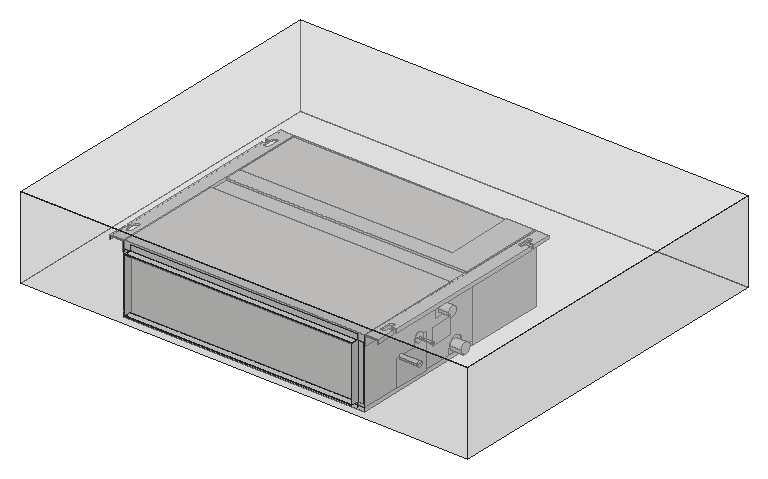
Revit family "outputfile", category 機械設備, Revit 2024
Family settings
  丸型コネクタ寸法 = 半径を使用
  パーツ タイプ = 標準
  OmniClass 番号 = 23.75.10.24.21.27.27
  OmniClass タイトル = Split System Air Conditioning Units
  作業面ベース = いいえ
  常に垂直 = はい
  ロード時にボイドで切り取り = いいえ
  注釈の向きを維持 = いいえ
  共有 = いいえ
  部屋計算ポイント = はい
Parameters (values of type "FXDQ32PDVE")
  Description = ""
  製造元 = "Daikin"
  書き出し IFC クラス(タイプ) = "IfcUnitaryEquipmentType"
  定義済み IFC タイプ(タイプ) = "AIRCONDITIONINGUNIT"
  Cost = 0
  モデル = "FXDQ32PDVE"
  Type Comments = ""
  Keynote = ""
  Type Image = (empty or 0)
  Assembly Code = ""
  w_pipe = 33.0 mm
  r_Liquid Pipe Size = Liquid Pipe Size / 2  # 3.2 mm
  r_Gas Pipe Size = Gas Pipe Size / 2  # 6.35 mm
  r_Drain Pipe Size = Drain Pipe Size / 2  # 10.0 mm
  lw_powersupply = 304.0 mm
  lh_suctionflange [instance] = if(Rear Connection_Return Air, 100.0 mm + [h***], 190.0 mm + [h***])  # 100.0 mm
  ld_suctionflange [instance] = if(Rear Connection_Return Air, 190.0 mm, 100.0 mm)  # 190.0 mm
  ld_powersupply = 60.0 mm
  angle_vertical_RA [instance] = if(Rear Connection_Return Air, 90.00°, 0.00°)  # 90.00°
  angle horizontal_RA [instance] = if(Rear Connection_Return Air, 180.00°, 270.00°)  # 180.00°
  Voltage_comment_60Hz = "220"
  Voltage_comment_50Hz = "220-240"
  Voltage_60Hz = 220 V
  Voltage_50Hz = 220 V
  URL = ""
  Supply Air Direction [instance] = yes
  Sound Power Level_H speed (dB) = 54
  Rear Connection_Return Air [instance] = not(Bottom Connection_Return Air)  # yes
  RA_length = 190.0 mm  # constant formula
  Phase_60Hz = 1
  Phase_50Hz = 1
  Minimum External Static Pressure = 10.00 Pa
  Minimum Circuit Amps_60Hz = 0.9 A
  Minimum Circuit Amps_50Hz = 0.8 A
  Maximum Fuse Amps_60Hz = 16.0 A
  Maximum Fuse Amps_50Hz = 16.0 A
  Maximum External Static Pressure = 30.00 Pa
  Material_Casing = DAIKIN_GalvanizedSteel_Casing_indoorunit
  lw_liquidpipe = 46.0 mm  # constant formula
  lw_gaspipe = 57.0 mm  # constant formula
  lw_mountinghole_pitch = 740.0 mm  # constant formula
  lw_mountinghole = 20.0 mm  # constant formula
  lw_drainpipe = 33.0 mm  # constant formula
  lh_powersupply = 10.0 mm
  lh_liquidpipe = 110.0 mm
  lh_gaspipe = 87.0 mm
  lh_mountinghole = Height + [h***]  # 200.0 mm
  lh_drainpipe = 150.0 mm
  lh_dischargeflange = 100.0 mm
  lh_antena = 1.0 mm  # constant formula
  ld_liquidpipe = 193.0 mm  # constant formula
  ld_gaspipe = 130.0 mm  # constant formula
  ld_mountinghole_pitch = 500.0 mm  # constant formula
  ld_drainpipe = 280.0 mm
  ld_controlbox = 626.0 mm  # constant formula
  h*** = 0.0 mm  # constant formula
  d_dischargeflange = 21.2 mm  # constant formula
  Width = 700.0 mm
  Version = "ver.1.0"
  Unit Type = "Slim Duct (Standard) Type"
  Unit Mass Weight = 23.00 kg
  Unit Designation [instance] = ""
  Uniclass2015Version = "Products v1.30"
  Uniclass2015Title = "Variable refrigerant flow units"
  Uniclass2015Code = "Pr_70_65_03_94"
  Total Heating Capacity [instance] = 0.000 kW
  Total Cooling Capacity [instance] = 0.000 kW
  Sound Pressure Level_M speed (dBA) = 0
  Sound Pressure Level_L speed (dBA) = 24
  Sound Pressure Level_H speed (dBA) = 28
  Series = "VRV Fan Coil Unit"
  Sensible Cooling Capacity [instance] = 0.000 kW
  SA Duct Size Width = 660.0 mm
  SA Duct Size Height = 160.0 mm
  Refrigerant Type = "R410A"
  RA Duct Size Width = 600.0 mm
  RA Duct Size Height = 180.0 mm
  Power Input (Heating) = 0.070 kW
  Power Input (Cooling) = 0.089 kW
  Option Accessory 3 [instance] = ""
  Option Accessory 2 [instance] = ""
  Option Accessory 1 [instance] = ""
  Nominal Heating Capacity = 4.000 kW
  Nominal Cooling Capacity = 3.600 kW
  Minimum Airflow = 384.00 m³/h
  Median Airflow = 432.00 m³/h
  Maximum Airflow = 480.00 m³/h
  Load Classification = HVAC
  Liquid Pipe Size = 6.4 mm
  Link_Nested Family [instance] = ""
  IfcVersion = "0"
  IfcExportType = "AIRCONDITIONINGUNIT"
  IfcExportAs = "IfcUnitaryEquipmentType"
  Height = 200.0 mm
  Heating Entering Wet Bulb Temperature [instance] = 0.00 °C
  Heating Entering Dry Bulb Temperature [instance] = 0.00 °C
  Heating Ambient Wet Bulb Temperature [instance] = 0.00 °C
  Heating Ambient Dry Bulb Temperature [instance] = 0.00 °C
  Heat Exchanger Type = "Cross Fin Coil"
  Gas Pipe Size = 12.7 mm
  Frequency_60Hz = 60 Hz
  Frequency_50Hz = 50 Hz
  Fan Type = "Sirocco Fan"
  Fan Drive = "Direct Drive"
  FCU Tag No. [instance] = ""
  Drain Pipe Size = 20.0 mm
  Design Supply Airflow [instance] = 0.00 m³/h
  Design Return Airflow [instance] = 0.00 m³/h
  Design External Static Pressure [instance] = 0.00 Pa
  Depth = 620.0 mm
  既定の高さ = 0.0 mm
  Cooling Entering Wet Bulb Temperature [instance] = 0.00 °C
  Cooling Entering Dry Bulb Temperature [instance] = 0.00 °C
  Cooling Ambient Wet Bulb Temperature [instance] = 0.00 °C
  Cooling Ambient Dry Bulb Temperature [instance] = 0.00 °C
  Clearance visibility [instance] = yes
  Clearance Top = 20.0 mm
  Clearance Right = 300.0 mm
  Clearance Rear = 400.0 mm
  Clearance Left = 300.0 mm
  Clearance Front = 0.0 mm
  Clearance Bottom = 20.0 mm
  Bottom Connection_Return Air [instance] = no
Reference planes
  plane 1 "Center (Front/Back)": y = 0
  plane 2: z = 0
  plane 3 "Center (Left/Right)": x = 0
  plane 4 "Back": y = 310
  plane 5 "Front": y = -310
  plane 6 "Left": x = -350
  plane 7 "Right": x = 350
  plane 8 "Top": z = 0
  plane 9 "Bottom": z = -200
  plane 10: x = 330
  plane 11: x = -330
  plane 12: z = -190
  plane 13: z = -6
  plane 14: z = -22
  plane 15: z = -90
  plane 16: z = -113
  plane 17: x = -304
  plane 18: x = 304
  plane 19: x = -370
  plane 20: x = 370
  plane 21: y = -250
  plane 22: y = 250
  plane 23: x = -390
  plane 24: x = 390
  plane 25: x = 396
  plane 26: x = 407
  plane 27: x = 383
  plane 28: z = 0
  plane 29: z = -50
  plane 30 "Clearance Left": x = -650
  plane 31 "Clearance Right": x = 650
  plane 32 "Clearance Rear": y = 710
  plane 33 "Clearance Front": y = -310
  plane 34 "Clearance Top": z = 20
  plane 35 "Clearance Bottom": z = -220
  plane 36: z = -21
  plane 37: z = -170
  plane 38: z = -96.5
  plane 39: x = -40
  plane 40: y = -180
  plane 41: y = -117
  plane 42: y = -30
  plane 43: y = 20
  plane 44: z = -97.5
  plane 45: y = -309
  plane 46: x = -349
  plane 47: z = -100
  plane 48: z = -30
  plane 49: y = 210
  plane 50: z = 301
  plane 51: z = -199
  plane 52: y = 120
  plane 53: z = -101
Forms (mm)
  Extrusion 1, solid
    sketch origin (0, 0, 0) x (1, 0, 0) y (0, 0, 1)
      loop
        line (-350, -190) -> (-350, -200) -> (350, -200) -> (350, -190) -> (-350, -190)
    from -84 to 310
  Extrusion 2, solid, material "DAIKIN_GalvanizedSteel_Casing_indoorunit" <- "Material_Casing"
    sketch origin (0, 0, 0) x (1, 0, 0) y (0, 1, 0)
      loop
        line (-350, -309) -> (350, -309) -> (350, 310) -> (-350, 310) -> (-350, -309)
    from -200 to 0
  Extrusion 3, void
    sketch origin (0, 0, 1) x (1, 0, 0) y (0, 1, 0)
      loop
        line (-350, 62.179) -> (-350, 4.179) -> (350, 4.179) -> (350, 62.179) -> (-350, 62.179)
    from -1 to -7
  Extrusion 4, void
    sketch origin (0, 0, 0) x (0, 1, 0) y (0, 0, 1)
      loop
        line (-5, -190) -> (45, -190) -> (45, -170)
        arc (45, -170) -> (20, -145) -> (-5, -170) r 25
        line (-5, -170) -> (-5, -190)
    from 350 to 345
  Revolve 5, solid, material "DAIKIN_GalvanizedSteel_Casing_indoorunit" <- "Material_Casing"
    sketch origin (0, 0, -113) x (0, -1, 0) y (1, 0, 0)
      loop
        line (173.65, 351) -> (180, 351) -> (180, 407) -> (173.65, 407) -> (173.65, 351)
      axis (180, 351) -> (180, 407)
    angle from 0 to 360
  Revolve 6, solid, material "DAIKIN_GalvanizedSteel_Casing_indoorunit" <- "Material_Casing"
    sketch origin (0, 0, -90) x (0, -1, 0) y (1, 0, 0)
      loop
        line (117, 351) -> (117, 396) -> (113.8, 396) -> (113.8, 351) -> (117, 351)
      axis (117, 396) -> (117, 351)
    angle from 0 to 360
  Extrusion 7, solid, material "DAIKIN_GalvanizedSteel_Casing_indoorunit" <- "Material_Casing"
    sketch origin (0, 0, 0) x (0, 1, 0) y (0, 0, 1)
      loop
        circle (-116, -90) r 12.7
    from 350 to 355.007
  Extrusion 8, solid, material "DAIKIN_GalvanizedSteel_Casing_indoorunit" <- "Material_Casing"
    sketch origin (0, 0, 0) x (0, 1, 0) y (0, 0, 1)
      loop
        circle (20, -170) r 15
    from 345 to 380
  Extrusion 9, solid, material "DAIKIN_GalvanizedSteel_Casing_indoorunit" <- "Material_Casing"
    sketch origin (0, 0, 0) x (0, 1, 0) y (0, 0, 1)
      loop
        line (-52, -30) -> (-52, -70) -> (-11, -70) -> (-11, -30) -> (-52, -30)
    from 350 to 351
  Extrusion 10, solid, material "DAIKIN_GalvanizedSteel_Casing_indoorunit" <- "Material_Casing"
    sketch origin (0, 0, 0) x (0, 1, 0) y (0, 0, 1)
      loop
        circle (-30, -50.064) r 13
    from 350 to 383
  Extrusion 11, solid, material "DAIKIN_GalvanizedSteel_Casing_indoorunit" <- "Material_Casing"
    sketch origin (0, 0, 0) x (0, 1, 0) y (0, 0, 1)
      loop
        line (-63.609, -90) -> (-63.609, -136) -> (0.391, -136) -> (0.391, -90) -> (-63.609, -90)
    from 350 to 351
  Extrusion 12, solid, material "DAIKIN_GalvanizedSteel_Casing_indoorunit" <- "Material_Casing"
    sketch origin (0, 0, 0) x (1, 0, 0) y (0, 0, 1)
      loop
        line (-350, -190) -> (-350, -200) -> (350, -200) -> (350, -190) -> (-350, -190)
    from -84 to 310
  Extrusion 13, solid, material "DAIKIN_GalvanizedSteel_Casing_indoorunit" <- "Material_Casing", visible <- "Bottom Connection_Return Air"
    sketch origin (0, 0, 0) x (1, 0, 0) y (0, 0, 1)
      loop
        line (269, -199) -> (269, -1) -> (-349, -1) -> (-349, -199) -> (269, -199)
    from -310 to -309
  Extrusion 14, void
    sketch origin (0, 0, 0) x (1, 0, 0) y (0, 0, 1)
      loop
        line (269, 0) -> (-349, 0) -> (-349, -1) -> (269, -1) -> (269, 0)
    from -310 to -111
  Extrusion 15, solid, material "DAIKIN_GalvanizedSteel_Casing_indoorunit" <- "Material_Casing", visible <- "Rear Connection_Return Air"
    sketch origin (0, 0, 0) x (1, 0, 0) y (0, 1, 0)
      loop
        line (-349, 309) -> (-349, 111) -> (269, 111) -> (269, 309) -> (-349, 309)
    from -200 to -199
  Extrusion 16, solid, material "DAIKIN_GalvanizedSteel_Casing_indoorunit" <- "Material_Casing"
    sketch origin (0, 0, 0) x (0, 1, 0) y (0, 0, 1)
      loop
        line (-194, -113) -> (-194, -190) -> (-88.3, -190) -> (-88.3, -90) -> (-103.3, -90)
        arc (-103.3, -90) -> (-116, -102.7) -> (-128.7, -90) r 12.7
        line (-128.7, -90) -> (-128.7, -113) -> (-173.65, -113)
        arc (-173.65, -113) -> (-180, -119.35) -> (-186.35, -113) r 6.35
        line (-186.35, -113) -> (-194, -113)
    from 351 to 350
  Extrusion 17, solid, material "DAIKIN_GalvanizedSteel_Casing_indoorunit" <- "Material_Casing"
    sketch origin (0, 0, 0) x (0, 1, 0) y (0, 0, 1)
      loop
        line (84, -199) -> (310, -199) -> (310, -22) -> (91, -22) -> (84, -29) -> (84, -199)
    from 351 to 350
Cuts and joins
  Extrusion 3, Extrusion 4, Extrusion 14 cuts Extrusion 2
  Extrusion 4 cuts Extrusion 1
  Extrusion 14 cuts Extrusion 12
Dimensions and locks
  "lh_powersupply": plane 12 to plane 9 "Bottom"
  locked: plane 8 "Top" to plane 13 at 6
  "Height": plane 8 "Top" to plane 9 "Bottom"
  equal spacing: plane 17, plane 3 "Center (Left/Right)", plane 18, locked at 304 each
  locked: plane 17 to plane 18 at 608
  equal spacing: plane 19, plane 3 "Center (Left/Right)", plane 20, locked at 370 each
  "lw_mountinghole_pitch": plane 19 to plane 20
  locked: plane 14 to plane 9 "Bottom" at 178
  "lw_mountinghole": plane 23 to plane 19
  "lh_liquidpipe": plane 15 to plane 9 "Bottom"
  "lh_gaspipe": plane 16 to plane 9 "Bottom"
  "lh_mountinghole": plane 28 to plane 9 "Bottom"
  "ld_mountinghole_pitch": plane 22 to plane 21
  equal spacing: plane 6 "Left", plane 3 "Center (Left/Right)", plane 7 "Right", locked at 350 each
  "Width": plane 6 "Left" to plane 7 "Right"
  "lh_drainpipe": plane 29 to plane 9 "Bottom"
  "Clearance Right": plane 7 "Right" to plane 31 "Clearance Right"
  "Clearance Left": plane 30 "Clearance Left" to plane 6 "Left"
  "lw_gaspipe": plane 7 "Right" to plane 26
  "lw_liquidpipe": plane 7 "Right" to plane 25
  "lw_drainpipe": plane 7 "Right" to plane 27
  "Clearance Rear": plane 32 "Clearance Rear" to plane 4 "Back"
  "Clearance Front": plane 5 "Front" to plane 33 "Clearance Front"
  "Clearance Top": plane 34 "Clearance Top" to plane 8 "Top"
  "Clearance Bottom": plane 9 "Bottom" to plane 35 "Clearance Bottom"
  "ld_powersupply": plane 4 "Back" to plane 22
  "lw_powersupply": plane 3 "Center (Left/Right)" to plane 18
  locked: plane 8 "Top" to plane 36 at 21
  locked: plane 8 "Top" to plane 37 at 170
  locked: plane 40 to plane 41 at 63
  locked: plane 38 to plane 9 "Bottom" at 103.5
  locked: plane 36 to plane 44 at 76.5
  "Depth": plane 4 "Back" to plane 5 "Front"
  equal spacing: plane 4 "Back", plane 1 "Center (Front/Back)", plane 5 "Front"
  locked: plane 45 to plane 5 "Front" at 1
  locked: plane 46 to plane 6 "Left" at 1
  Extrusion 13 sketch curve to Extrusion 13 sketch curve = 198.0 mm
  locked: nested 13 to plane 39 at 300
  locked: plane 12 to plane 47 at 90
  plane 32 "Clearance Rear" to Extrusion 13 = 401.0 mm
  locked: plane 48 to plane 35 "Clearance Bottom" at 190
  locked: plane 49 to nested 14 at 90
  plane 50 to plane 28 = 301.0 mm
  locked: plane 51 to plane 9 "Bottom" at 1
  "ld_suctionflange": plane 4 "Back" to plane 52
  locked: plane 53 to plane 9 "Bottom" at 99
  aligned and locked: level to plane 2
  aligned and locked: Extrusion 2 to plane 9 "Bottom"
  aligned and locked: plane 8 "Top" to Extrusion 2
  aligned and locked: Revolve 5 sketch curve to Revolve 5 sketch curve
  aligned and locked: plane 15 to Extrusion 7 sketch curve
  aligned and locked: cut or joined group of Extrusion 1, Extrusion 4 to plane 9 "Bottom"
  aligned and locked: plane 24 to nested 1
  aligned and locked: nested 1 to plane 23
  aligned and locked: plane 27 to Extrusion 10
  aligned and locked: plane 25 to nested 6
  aligned and locked: nested 6 to plane 15
  aligned and locked: nested 2 to plane 22
  aligned and locked: plane 20 to nested 2
  aligned and locked: plane 20 to nested 3
  aligned and locked: plane 19 to nested 4
  aligned and locked: plane 22 to nested 5
  aligned and locked: nested 5 to plane 22
  aligned and locked: plane 19 to nested 5
  aligned and locked: nested 8 to plane 29
  aligned and locked: Extrusion 10 to nested 8
  aligned and locked: plane 27 to nested 8
  aligned and locked: plane 22 to nested 12
  aligned and locked: plane 18 to nested 12  (x2)
  aligned and locked: nested 12 to plane 18
  aligned and locked: plane 4 "Back" to nested 12
  aligned and locked: cut or joined group of Extrusion 2, Extrusion 3, Extrusion 4, Extrusion 14 to nested 12
  aligned and locked: nested 12 to plane 12
  aligned and locked: plane 8 "Top" to nested 1
  aligned and locked: Extrusion 12 to plane 5 "Front"
  aligned and locked: Extrusion 12 to plane 9 "Bottom"
  aligned and locked: nested 7 to plane 16
  aligned and locked: plane 4 "Back" to nested 1
  aligned and locked: nested 9 to plane 45
  aligned and locked: plane 40 to nested 7
  aligned and locked: plane 41 to nested 6
  aligned and locked: plane 42 to nested 8
  aligned and locked: Extrusion 8 sketch curve to plane 43
  aligned and locked: nested 13 to plane 46
  aligned and locked: plane 4 "Back" to Extrusion 14
  aligned and locked: nested 14 to Extrusion 15
  aligned and locked: nested 15 to plane 49
  aligned and locked: plane 8 "Top" to Extrusion 3
  aligned and locked: Extrusion 13 to cut or joined group of Extrusion 2, Extrusion 3, Extrusion 4, Extrusion 14
  aligned and locked: Extrusion 13 to nested 13
  aligned and locked: plane 9 "Bottom" to Extrusion 15  (x2)
  aligned and locked: plane 9 "Bottom" to nested 15
  aligned and locked: Extrusion 15 to plane 51
  aligned and locked: plane 4 "Back" to nested 13
  aligned and locked: Extrusion 14 to level
  aligned and locked: plane 32 "Clearance Rear" to nested 16
  aligned and locked: plane 31 "Clearance Right" to nested 16
  aligned and locked: plane 30 "Clearance Left" to nested 16
  aligned and locked: nested 16 to plane 33 "Clearance Front"
  aligned and locked: nested 16 to plane 34 "Clearance Top"
  aligned and locked: nested 16 to plane 35 "Clearance Bottom"
  aligned and locked: plane 7 "Right" to Extrusion 16
  aligned and locked: plane 4 "Back" to Extrusion 17
  aligned and locked: Extrusion 17 to plane 51
  aligned and locked: plane 7 "Right" to Extrusion 17
  aligned and locked: Extrusion 16 to Revolve 5 sketch curve
  aligned and locked: Extrusion 3 to plane 13
  aligned and locked: plane 52 to nested 17
  aligned and locked: plane 53 to nested 9
  aligned and locked: Extrusion 14 to nested 14
  aligned and locked: nested 11 to plane 36
  aligned and locked: level to plane 8 "Top"
Automatic sketch dimensions
  Extrusion 1 sketch curve to plane 6 "Left" = 0.0 mm
  Extrusion 1 sketch curve to plane 7 "Right" = 0.0 mm
  Extrusion 1 sketch curve to plane 9 "Bottom" = 0.0 mm
  Extrusion 1 sketch curve to plane 12 = 0.0 mm
  Extrusion 2 sketch curve to plane 4 "Back" = 0.0 mm
  Extrusion 2 sketch curve to plane 6 "Left" = 0.0 mm
  Extrusion 2 sketch curve to plane 7 "Right" = 0.0 mm
  Extrusion 2 sketch curve to plane 45 = 0.0 mm
  Extrusion 3 sketch curve to plane 6 "Left" = 0.0 mm
  Extrusion 3 sketch curve to plane 7 "Right" = 0.0 mm
  Extrusion 3 sketch curve to plane 1 "Center (Front/Back)" = 4.179 mm
  plane 43 to Extrusion 3 sketch curve = 42.179 mm
  Extrusion 4 sketch curve to plane 37 = 0.0 mm
  Extrusion 4 sketch curve to plane 12 = 0.0 mm
  Extrusion 4 sketch curve to plane 43 = 0.0 mm
  plane 1 "Center (Front/Back)" to Extrusion 4 sketch curve = 5.0 mm
  Revolve 6 sketch curve to plane 25 = 0.0 mm  (x2)
  Revolve 6 sketch curve to plane 41 = 0.0 mm  (x2)
  plane 41 to Revolve 6 sketch curve = 3.2 mm
  plane 7 "Right" to Revolve 6 sketch curve = 1.0 mm
  Revolve 6 sketch curve to Revolve 6 sketch curve = 0.0 mm
  plane 41 to Extrusion 7 sketch curve = 1.0 mm
  Extrusion 8 sketch curve to plane 37 = 0.0 mm
  Extrusion 9 sketch curve to plane 42 = 22.0 mm
  plane 1 "Center (Front/Back)" to Extrusion 9 sketch curve = 11.0 mm
  plane 15 to Extrusion 9 sketch curve = 20.0 mm
  Extrusion 9 sketch curve to plane 14 = 8.0 mm
  Extrusion 10 sketch curve to plane 42 = 0.0 mm
  Extrusion 10 sketch curve to plane 29 = 0.064 mm
  plane 15 to Extrusion 11 sketch curve = 0.0 mm
  Extrusion 11 sketch curve to plane 42 = 33.609 mm
  Extrusion 11 sketch curve to plane 1 "Center (Front/Back)" = 0.391 mm
  Extrusion 11 sketch curve to plane 16 = 23.0 mm
  Extrusion 12 sketch curve to plane 6 "Left" = 0.0 mm
  Extrusion 12 sketch curve to plane 7 "Right" = 0.0 mm
  Extrusion 12 sketch curve to plane 9 "Bottom" = 0.0 mm
  Extrusion 12 sketch curve to plane 12 = 0.0 mm
  plane 46 to Extrusion 13 sketch curve = 0.0 mm
  Extrusion 13 sketch curve to plane 18 = 35.0 mm
  plane 46 to Extrusion 14 sketch curve = 0.0 mm
  Extrusion 14 sketch curve to plane 18 = 35.0 mm
  Extrusion 14 sketch curve to plane 8 "Top" = 1.0 mm
  Extrusion 15 sketch curve to plane 46 = 0.0 mm
  Extrusion 15 sketch curve to plane 4 "Back" = 1.0 mm
  Extrusion 15 sketch curve to plane 18 = 35.0 mm
  plane 43 to Extrusion 15 sketch curve = 91.0 mm
  plane 35 "Clearance Bottom" to Extrusion 14 sketch curve = 220.0 mm
  Extrusion 13 sketch curve to plane 51 = 0.0 mm
  Extrusion 16 sketch curve to plane 12 = 0.0 mm
  Extrusion 16 sketch curve to plane 16 = 0.0 mm
  Extrusion 16 sketch curve to plane 40 = 0.0 mm
  Extrusion 16 sketch curve to plane 15 = 0.0 mm
  Extrusion 16 sketch curve to Extrusion 16 sketch curve = 6.35 mm
  Extrusion 16 sketch curve to Extrusion 16 sketch curve = 7.65 mm
  Extrusion 16 sketch curve to plane 41 = 11.7 mm
  plane 41 to Extrusion 16 sketch curve = 1.0 mm
  Extrusion 16 sketch curve to Extrusion 16 sketch curve = 27.7 mm
  Extrusion 17 sketch curve to plane 51 = 0.0 mm
  Extrusion 17 sketch curve to plane 14 = 0.0 mm
  plane 48 to Extrusion 17 sketch curve = 1.0 mm
  plane 43 to Extrusion 17 sketch curve = 64.0 mm
  Extrusion 17 sketch curve to Extrusion 17 sketch curve = 7.0 mm
  Extrusion 17 sketch curve to plane 4 "Back" = 0.0 mm
  Revolve 5 sketch curve to plane 26 = 0.0 mm
  Revolve 5 sketch curve to plane 40 = 0.0 mm
  plane 40 to Revolve 5 sketch curve = 6.35 mm
  Revolve 5 sketch curve to Revolve 5 sketch curve = 1.003 mm  (x2)
  radius of Extrusion 7 sketch curve = 12.7 mm
  radius of Extrusion 8 sketch curve = 15.0 mm
  radius of Extrusion 10 sketch curve = 13.0 mm
Nested families
  nested 1: "daikin_hangerfixture_FXDQ-PDVE" at (0, 0.5, 0), type "daikin_hangerfixture_FXDQ-PDVE"
  nested 2: "daikin_mountinghole" at (370, 250, -200), l_antenna <- "lh_antena", Link_Nested Family <- "Link_Nested Family", h_mountinghole <- "lh_mountinghole", type "daikin_mountinghole"
    with show yes, l_antenna 1.0 mm, h_mountinghole 200.0 mm, Link_Nested Family ""
  nested 3: "daikin_mountinghole" at (370, -250, -200), Link_Nested Family <- "Link_Nested Family", l_antenna <- "lh_antena", h_mountinghole <- "lh_mountinghole", type "daikin_mountinghole"
    with show yes, l_antenna 1.0 mm, h_mountinghole 200.0 mm, Link_Nested Family ""
  nested 4: "daikin_mountinghole" at (-370, -250, -200), l_antenna <- "lh_antena", Link_Nested Family <- "Link_Nested Family", h_mountinghole <- "lh_mountinghole", type "daikin_mountinghole"
    with show yes, l_antenna 1.0 mm, h_mountinghole 200.0 mm, Link_Nested Family ""
  nested 5: "daikin_mountinghole" at (-370, 250, -200), l_antenna <- "lh_antena", Link_Nested Family <- "Link_Nested Family", h_mountinghole <- "lh_mountinghole", type "daikin_mountinghole"
    with show yes, l_antenna 1.0 mm, h_mountinghole 200.0 mm, Link_Nested Family ""
  nested 6: "daikin_connector_rotate2" at (350, -117, -90) x (0, 1, 0) z (0, 0, 1), length <- "lw_liquidpipe", built-in parameter 1001364 <- "lh_liquidpipe", radius <- "r_Liquid Pipe Size", type "daikin_connector_rotate2"
    with radius 3.2 mm, length 46.0 mm, angle_vertical 90.00°, show_face no
  nested 7: "daikin_connector_rotate2" at (350, -180, -113) x (0, 1, 0) z (0, 0, 1), length <- "lw_gaspipe", built-in parameter 1001364 <- "lh_gaspipe", radius <- "r_Gas Pipe Size", type "daikin_connector_rotate2"
    with radius 6.35 mm, length 57.0 mm, angle_vertical 90.00°, show_face no
  nested 8: "daikin_connector_rotate2" at (350, -30, -50) x (0, 1, 0) z (0, 0, 1), built-in parameter 1001364 <- "lh_drainpipe", length <- "lw_drainpipe", radius <- "r_Drain Pipe Size", type "daikin_connector_rotate2"
    with radius 10.0 mm, length 33.0 mm, angle_vertical 90.00°, show_face no
  nested 9: "daikin_connector_rotate2" at (0, -309, -101), length <- "d_dischargeflange", built-in parameter 1001364 <- "lh_dischargeflange", type "daikin_connector_rotate2"
    with radius 10.0 mm, length 21.2 mm, angle_vertical 90.00°, show_face no
  nested 10: "daikin_△_symbolicline" at (-76.446, -102.452, 200) x (-0.5, 0.866, 0) z (0, 0, 1), built-in parameter 1001364 <- "Height", visible <- "Supply Air Direction", type "daikin_△_symbolicline"
    with length 300.0 mm
  nested 11: "daikin_ductflange_FXDQ-PDVE" at (0, 4.5, -371.201), material <- "Material_Casing", type "daikin_ductflange_FXDQ-PDVE"
    with width 660.0 mm, material DAIKIN_GalvanizedSteel_Casing_indoorunit, height 162.0 mm, depth 21.2 mm
  nested 12: "daikin_connector_rotate2" at (304, 250, -190) x (-1, 0, 0) z (0, 0, 1), built-in parameter 1001364 <- "lh_powersupply", length <- "ld_powersupply", type "daikin_connector_rotate2"
    with radius 10.0 mm, length 60.0 mm, angle_vertical 90.00°, show_face no
  nested 13: "daikin_ductflange_FXDQ-PDVE2" at (-40, 310, -100), visible <- "Rear Connection_Return Air", material <- "Material_Casing", type "daikin_ductflange_FXDQ-PDVE2"
    with width 620.0 mm, material DAIKIN_GalvanizedSteel_Casing_indoorunit, height 180.0 mm, depth 21.2 mm
  nested 14: "daikin_ductflange_FXDQ-PDVE2" at (-40, 210, -200) x (1, 0, 0) z (0, 1, 0), visible <- "Bottom Connection_Return Air", material <- "Material_Casing", type "daikin_ductflange_FXDQ-PDVE2"
    with width 620.0 mm, material DAIKIN_GalvanizedSteel_Casing_indoorunit, height 180.0 mm, depth 21.2 mm
  nested 15: "daikin_connector_rotate2" at (-40, 210, -178.8) x (1, 0, 0) z (0, 1, 0), length <- "d_dischargeflange", built-in parameter 1001364 <- "lh_dischargeflange", type "daikin_connector_rotate2"
    with radius 10.0 mm, length 21.2 mm, angle_vertical 90.00°, show_face no
  nested 16: "daikin_clearancespace" at (0, 200, -99.881), visible <- "Clearance visibility", show <- "Clearance visibility", Link_Nested Family <- "Link_Nested Family", type "daikin_clearancespace"
    with width 1300.0 mm, show yes, height 240.0 mm, depth 1020.0 mm, Link_Nested Family ""
  nested 17: "daikin_connector_rotate3" at (-40, 120, -100), built-in parameter 1001364 <- "lh_suctionflange", angle_vertical <- "angle_vertical_RA", angle_horizontal <- "angle horizontal_RA", length <- "RA_length", type "daikin_connector_rotate3"
    with show no, radius 10.0 mm, length 190.0 mm, angle_vertical 90.00°, angle_horizontal 180.00°
Connectors
  piping at (407, -180, -113), diameter 12.7, driven by "r_Gas Pipe Size"
    settings: on nested 7, index 1, connector inside diameter 609.6 mm, connector length 0.0 mm, flow factor 0, pipe flow 0.00 m³/h, pressure drop 0.0 Pa, fitting loss kfactor 0, connector angle 0.00°, fixture units 0, engagement length 0.0 mm, angle of deflection 0.00°, flow configuration 1, flow direction 2, fitting loss method 0, system type 29, joint type 0, gender type 0, connector reference index -1, connector utility 0, adjustable connector no, is connector primary yes, connector description "Refrigerant Gas Piping"
  piping at (396, -117, -90), diameter 6.4, driven by "r_Liquid Pipe Size"
    settings: on nested 6, index 2, connector inside diameter 609.6 mm, connector length 0.0 mm, flow factor 0, pipe flow 0.00 m³/h, pressure drop 0.0 Pa, fitting loss kfactor 0, connector angle 0.00°, fixture units 0, engagement length 0.0 mm, angle of deflection 0.00°, flow configuration 1, flow direction 1, fitting loss method 0, system type 29, joint type 0, gender type 0, connector reference index -1, connector utility 0, adjustable connector no, is connector primary no, connector description "Refrigerant Liquid Piping"
  piping at (383, -30, -50), diameter 20, driven by "r_Drain Pipe Size"
    settings: on nested 8, index 3, connector inside diameter 609.6 mm, connector length 0.0 mm, flow factor 0, pipe flow 0.00 m³/h, pressure drop 0.0 Pa, fitting loss kfactor 0, connector angle 0.00°, fixture units 0, engagement length 0.0 mm, angle of deflection 0.00°, flow configuration 1, flow direction 2, fitting loss method 4, system type 16, joint type 0, gender type 0, connector reference index -1, connector utility 0, adjustable connector no, is connector primary no, connector description "Condensate Drain Piping"
  hvac at (0, -330.2, -101), driven by "SA Duct Size Height", driven by "SA Duct Size Width"
    settings: on nested 9, index 7, duct flow 0.00 m³/h, flow factor 0, pres drop 0.00 Pa, loss coef 0, conn angle 0.00°, conn width 660.0 mm, conn height 160.0 mm, conn diameter 609.6 mm, duct sys type 1, conn prof type 1, flow config 0, flow direction 2, loss method 4, conn ref index -1, conn util no, is conn primary yes, conn desc "SA Duct"
  electrical at (304, 310, -190), driven by "Load Classification"
    settings: on nested 12, index 9, voltage 0 V, apparent load 0 VA, apparent load phase1 0 VA, apparent load phase2 0 VA, apparent load phase3 0 VA, power factor 1, load classification "HVAC", number of poles 1, system type 30, power factor state 1, is connector primary yes, connector utility no, sub classification motor no, connector description "Power Supply"
  hvac at (-40, 310, -100), driven by "RA Duct Size Height", driven by "RA Duct Size Width"
    settings: on nested 17, index 10, duct flow 0.00 m³/h, flow factor 0, pres drop 0.00 Pa, loss coef 0, conn angle 0.00°, conn width 600.0 mm, conn height 180.0 mm, conn diameter 609.6 mm, duct sys type 2, conn prof type 1, flow config 0, flow direction 1, loss method 4, conn ref index -1, conn util no, is conn primary no, conn desc "RA Duct"
Definition of nested family "daikin_hangerfixture_FXDQ-PDVE"
  Parameters (values of type "daikin_hangerfixture_FXDQ-PDVE")
    width = 48.0 mm
    material = none
    height = 65.0 mm
    depth = 619.0 mm
    Default Elevation = 0.0 mm
  Reference planes
    plane 1 "Center (Front/Back)": y = 0
    plane 2: z = 0
    plane 3 "Center (Left/Right)": x = 0
    plane 4: x = 350
    plane 5: y = 309.5
    plane 6: y = -309.5
  Forms (mm)
    Extrusion 1, solid, material <- "material"
      sketch origin (0, 0, 0) x (1, 0, 0) y (0, 0, 1)
        loop
          line (350, 0) -> (350, -30) -> (352.3, -30) -> (352.3, -2.3) -> (387.7, -2.3) -> (387.7, -10) -> (390, -10) -> (390, 0) -> (350, 0)
      from -309.5 to 309.5
    Extrusion 2, void
      sketch origin (0, 0, 0) x (0, 1, 0) y (0, 0, 1)
        loop
          line (309.5, -30) -> (309.5, -17.979) -> (87.935, -17.979) -> (75.914, -30) -> (309.5, -30)
      from 0 to 618
    Extrusion 3, void
      sketch origin (0, 0, 0) x (1, 0, 0) y (0, 1, 0)
        loop
          line (390, -244) -> (377, -244) -> (377, -237.5)
          arc (377, -237.5) -> (370, -230.5) -> (363, -237.5) r 7
          line (363, -237.5) -> (363, -263.5)
          arc (363, -263.5) -> (370, -270.5) -> (377, -263.5) r 7
          line (377, -263.5) -> (377, -257) -> (390, -257) -> (390, -244)
        loop
          line (390, 243) -> (390, 256) -> (377, 256) -> (377, 262.5)
          arc (377, 262.5) -> (370, 269.5) -> (363, 262.5) r 7
          line (363, 262.5) -> (363, 236.5)
          arc (363, 236.5) -> (370, 229.5) -> (377, 236.5) r 7
          line (377, 236.5) -> (377, 243) -> (390, 243)
      from -254.96 to 618
    Extrusion 4, solid, material <- "material"
      sketch origin (0, 0, 0) x (-1, 0, 0) y (0, 0, -1)
        loop
          line (350, 0) -> (390, 0) -> (390, 10) -> (387.7, 10) -> (387.7, 2.3) -> (352.3, 2.3) -> (352.3, 30) -> (350, 30) -> (350, 0)
      from -309.5 to 309.5
    Extrusion 5, void
      sketch origin (0, 0, 0) x (-1, 0, 0) y (0, -1, 0)
        loop
          line (390, 244) -> (390, 257) -> (377, 257) -> (377, 263.5)
          arc (377, 263.5) -> (370, 270.5) -> (363, 263.5) r 7
          line (363, 263.5) -> (363, 237.5)
          arc (363, 237.5) -> (370, 230.5) -> (377, 237.5) r 7
          line (377, 237.5) -> (377, 244) -> (390, 244)
        loop
          line (390, -243) -> (377, -243) -> (377, -236.5)
          arc (377, -236.5) -> (370, -229.5) -> (363, -236.5) r 7
          line (363, -236.5) -> (363, -262.5)
          arc (363, -262.5) -> (370, -269.5) -> (377, -262.5) r 7
          line (377, -262.5) -> (377, -256) -> (390, -256) -> (390, -243)
      from -254.96 to 618
  Cuts and joins
    Extrusion 2, Extrusion 3, Extrusion 5 cuts Extrusion 1
    Extrusion 5 cuts Extrusion 4
  Dimensions and locks
    locked: plane 4 to plane 3 "Center (Left/Right)" at 350
    equal spacing: plane 5, plane 1 "Center (Front/Back)", plane 6
    "depth": plane 5 to plane 6
    locked: plane 3 "Center (Left/Right)" to plane 4 at 350
    plane 6 to plane 1 "Center (Front/Back)" to plane 5 = 309.5 mm, 309.5 mm
    aligned and locked: level to plane 2
    aligned and locked: plane 5 to Extrusion 1
    aligned and locked: Extrusion 1 to plane 6
    aligned and locked: Extrusion 1 to plane 4
    aligned and locked: plane 5 to cut or joined group of Extrusion 1, Extrusion 2, Extrusion 3, Extrusion 5
    aligned and locked: cut or joined group of Extrusion 1, Extrusion 2, Extrusion 3, Extrusion 5 to plane 6
    aligned and locked: level to cut or joined group of Extrusion 1, Extrusion 2, Extrusion 3, Extrusion 5
    aligned and locked: plane 5 to cut or joined group of Extrusion 4, Extrusion 5
    aligned and locked: cut or joined group of Extrusion 4, Extrusion 5 to plane 6
  Automatic sketch dimensions
    Extrusion 1 sketch curve to plane 4 = 0.0 mm
    Extrusion 1 sketch curve to level = 0.0 mm
    plane 4 to Extrusion 1 sketch curve = 2.3 mm
    Extrusion 1 sketch curve to level = 2.3 mm
    Extrusion 1 sketch curve to Extrusion 1 sketch curve = 35.4 mm
    Extrusion 1 sketch curve to Extrusion 1 sketch curve = 2.3 mm
    Extrusion 1 sketch curve to Extrusion 1 sketch curve = 7.7 mm
    Extrusion 1 sketch curve to Extrusion 1 sketch curve = 27.7 mm
    Extrusion 2 sketch curve to plane 5 = 0.0 mm
    Extrusion 2 sketch curve to level = 17.979 mm
    Extrusion 2 sketch curve to plane 1 "Center (Front/Back)" = 87.935 mm
    Extrusion 2 sketch curve to level = 30.0 mm
    Extrusion 2 sketch curve to Extrusion 2 sketch curve = 12.021 mm
    plane 4 to Extrusion 3 sketch curve = 13.0 mm  (x2)
    Extrusion 3 sketch curve to Extrusion 3 sketch curve = 7.0 mm  (x4)
    Extrusion 3 sketch curve to Extrusion 3 sketch curve = 13.0 mm  (x4)
    plane 6 to Extrusion 3 sketch curve = 46.0 mm
    Extrusion 3 sketch curve to Extrusion 3 sketch curve = 6.5 mm  (x4)
    Extrusion 3 sketch curve to plane 5 = 73.0 mm
    Extrusion 4 sketch curve to level = 0.0 mm
    Extrusion 4 sketch curve to level = 30.0 mm
    Extrusion 4 sketch curve to plane 3 "Center (Left/Right)" = 350.0 mm
    Extrusion 4 sketch curve to Extrusion 4 sketch curve = 2.3 mm  (x2)
    Extrusion 4 sketch curve to level = 2.3 mm
    Extrusion 4 sketch curve to Extrusion 4 sketch curve = 35.4 mm
    Extrusion 4 sketch curve to Extrusion 4 sketch curve = 7.7 mm
    Extrusion 5 sketch curve to plane 5 = 73.0 mm
    Extrusion 5 sketch curve to plane 3 "Center (Left/Right)" = 363.0 mm  (x2)
    plane 6 to Extrusion 5 sketch curve = 72.0 mm
    Extrusion 5 sketch curve to Extrusion 5 sketch curve = 7.0 mm  (x4)
    Extrusion 5 sketch curve to Extrusion 5 sketch curve = 13.0 mm  (x4)
    Extrusion 5 sketch curve to Extrusion 5 sketch curve = 6.5 mm  (x4)
Definition of nested family "daikin_ductflange_FXDQ-PDVE"
  Parameters (values of type "daikin_ductflange_FXDQ-PDVE")
    width [instance] = 660.0 mm
    material [instance] = none
    height [instance] = 162.0 mm
    depth [instance] = 21.2 mm
    Default Elevation = 0.0 mm
  Reference planes
    plane 1 "Center (Front/Back)": y = 0
    plane 2: z = 189.201
    plane 3 "Center (Left/Right)": x = 0
    plane 4: y = -313.5
    plane 5: x = -330
    plane 6: x = 330
    plane 7: y = -334.7
    plane 8: z = 351.201
    plane 9: z = 270.201
    plane 10: z = 350.201
    plane 11: z = 190.201
  Forms (mm)
    Extrusion 1, solid, material <- "material"
      sketch origin (0, 0, 189.201) x (1, 0, 0) y (0, 1, 0)
        loop
          line (-330, -334.7) -> (-330, -313.5) -> (-348, -313.5) -> (-348, -314.5) -> (-331, -314.5) -> (-331, -334.7) -> (-330, -334.7)
        loop
          line (330, -334.7) -> (331, -334.7) -> (331, -314.5) -> (348, -314.5) -> (348, -313.5) -> (330, -313.5) -> (330, -334.7)
      from 1 to 161
    Extrusion 2, solid, material <- "material"
      sketch origin (0, 0, 0) x (0, 1, 0) y (0, 0, 1)
        loop
          line (-313.5, 350.201) -> (-313.5, 365.201) -> (-314.5, 365.201) -> (-314.5, 351.201) -> (-334.7, 351.201) -> (-334.7, 350.201) -> (-313.5, 350.201)
        loop
          line (-313.5, 190.201) -> (-334.7, 190.201) -> (-334.7, 189.201) -> (-314.5, 189.201) -> (-314.5, 175.201) -> (-313.5, 175.201) -> (-313.5, 190.201)
      from -330 to 330
  Dimensions and locks
    plane 4 to plane 1 "Center (Front/Back)" = 313.5 mm
    "depth": plane 7 to plane 4
    equal spacing: plane 8, plane 9, level, locked at 81 each
    "height": plane 8 to level
    equal spacing: plane 6, plane 3 "Center (Left/Right)", plane 5, locked at 330 each
    "width": plane 6 to plane 5
    plane 5 to plane 6 = 660.0 mm
    locked: Extrusion 1 sketch curve to Extrusion 1 sketch curve at 660
    locked: plane 8 to plane 10 at 1
    locked: plane 11 to level at 1
    locked: Extrusion 1 to Extrusion 2 sketch curve at 1
    locked: Extrusion 2 sketch curve to Extrusion 1 at 1
    locked: Extrusion 1 sketch curve to Extrusion 1 sketch curve at 1  (x2)
    aligned and locked: level to plane 2
    aligned and locked: plane 4 to Extrusion 1  (x2)
    aligned and locked: plane 5 to Extrusion 1
    aligned and locked: Extrusion 1 to plane 7  (x2)
    aligned and locked: Extrusion 1 to plane 6
    aligned and locked: Extrusion 1 to plane 10
    aligned and locked: Extrusion 1 to plane 11
    aligned and locked: plane 10 to Extrusion 1
    aligned and locked: plane 11 to Extrusion 1
    aligned and locked: Extrusion 2 to plane 5
    aligned and locked: plane 5 to Extrusion 2
    aligned and locked: plane 6 to Extrusion 2
    aligned and locked: Extrusion 2 to plane 6
    aligned and locked: Extrusion 2 to plane 11
    aligned and locked: Extrusion 2 to plane 10
  Automatic sketch dimensions
    Extrusion 1 sketch curve to plane 4 = 0.0 mm  (x2)
    Extrusion 1 sketch curve to plane 7 = 0.0 mm  (x2)
    Extrusion 1 sketch curve to plane 5 = 0.0 mm
    Extrusion 1 sketch curve to plane 5 = 1.0 mm
    Extrusion 1 sketch curve to Extrusion 1 sketch curve = 17.0 mm  (x2)
    plane 6 to Extrusion 1 sketch curve = 1.0 mm
    Extrusion 2 sketch curve to plane 7 = 0.0 mm  (x2)
    Extrusion 2 sketch curve to plane 4 = 0.0 mm  (x2)
    Extrusion 2 sketch curve to plane 11 = 0.0 mm
    Extrusion 2 sketch curve to plane 10 = 0.0 mm
    Extrusion 2 sketch curve to plane 4 = 1.0 mm  (x2)
    Extrusion 2 sketch curve to level = 14.0 mm
    plane 8 to Extrusion 2 sketch curve = 14.0 mm
Definition of nested family "daikin_ductflange_FXDQ-PDVE2"
  Parameters (values of type "daikin_ductflange_FXDQ-PDVE2")
    width [instance] = 620.0 mm
    material [instance] = none
    height [instance] = 180.0 mm
    depth [instance] = 21.2 mm
    Default Elevation = 0.0 mm
  Reference planes
    plane 1 "Center (Front/Back)": y = 0
    plane 2: z = 0
    plane 3 "Center (Left/Right)": x = 0
    plane 4: y = -313.5
    plane 5: y = -334.7
    plane 6: x = -310
    plane 7: x = 310
    plane 8: z = 90
    plane 9: z = -90
    plane 10: z = 100
    plane 11: z = -100
    plane 12: x = -309
    plane 13: x = 309
  Forms (mm)
    Extrusion 1, solid, material <- "material"
      sketch origin (0, 0, 0) x (1, 0, 0) y (0, 0, 1)
        loop
          line (-300, 90) -> (-300, -90) -> (300, -90) -> (300, 90) -> (-300, 90)
        loop
          line (-309, -99) -> (309, -99) -> (309, 99) -> (-309, 99) -> (-309, -99)
      from 0 to 1
  Dimensions and locks
    plane 4 to plane 1 "Center (Front/Back)" = 313.5 mm
    "depth": plane 5 to plane 4
    equal spacing: plane 7, plane 3 "Center (Left/Right)", plane 6, locked at 310 each
    "width": plane 7 to plane 6
    equal spacing: plane 8, level, plane 9, locked at 90 each
    "height": plane 8 to plane 9
    equal spacing: plane 10, level, plane 11, locked at 100 each
    locked: plane 10 to plane 11 at 200
    plane 12 to plane 6 = 1.0 mm
    locked: plane 7 to plane 13 at 1
    locked: Extrusion 1 sketch curve to Extrusion 1 sketch curve at 9  (x4)
    locked: plane 10 to Extrusion 1 sketch curve at 1
    locked: Extrusion 1 sketch curve to plane 11 at 1
    aligned and locked: level to plane 2
  Automatic sketch dimensions
    plane 6 to Extrusion 1 sketch curve = 1.0 mm
    Extrusion 1 sketch curve to plane 7 = 1.0 mm
Definition of nested family "daikin_clearancespace"
  Parameters (values of type "daikin_clearancespace")
    width [instance] = 1823.963 mm
    show [instance] = yes
    material = none
    height [instance] = 1359.762 mm
    depth [instance] = 880.0 mm
    Default Elevation = 0.0 mm
    Link_Nested Family [instance] = ""
  Reference planes
    plane 1 "Center (Front/Back)": y = 0
    plane 2 "Center (Elevation)": z = -0.119
    plane 3 "Center (Left/Right)": x = 0
    plane 4: y = 440
    plane 5: y = -440
    plane 6 "Right": x = 911.982
    plane 7 "Left": x = -911.982
    plane 8 "Top": z = 679.762
    plane 9 "Bottom": z = -680
  Forms (mm)
    Extrusion 1, solid, material <- "material", visible <- "show"
      sketch origin (0, 0, 0) x (1, 0, 0) y (0, 1, 0)
        loop
          line (-911.982, 440) -> (-911.982, -440) -> (911.982, -440) -> (911.982, 440) -> (-911.982, 440)
      from -680 to 679.762
  Lines and regions (mm)
    symbolic lines, visible <- "show"
      curve 1: line (911.982, 440, 0) -> (-911.982, 440, 0)
      curve 2: line (-911.982, 440, 0) -> (-911.982, -440, 0)
      curve 3: line (-911.982, -440, 0) -> (911.982, -440, 0)
      curve 4: line (911.982, -440, 0) -> (911.982, 440, 0)
      curve 5: line (911.982, 0, 679.762) -> (-911.982, 0, 679.762)
      curve 6: line (911.982, 0, -680) -> (911.982, 0, 679.762)
      curve 7: line (-911.982, 0, -680) -> (911.982, 0, -680)
      curve 8: line (-911.982, 0, 679.762) -> (-911.982, 0, -680)
      curve 9: line (0, 440, 679.762) -> (0, -440, 679.762)
      curve 10: line (0, -440, 679.762) -> (0, -440, -680)
      curve 11: line (0, 440, -680) -> (0, 440, 679.762)
      curve 12: line (0, -440, -680) -> (0, 440, -680)
  Dimensions and locks
    "width": plane 7 "Left" to plane 6 "Right"
    "depth": plane 4 to plane 5
    "height": plane 8 "Top" to plane 9 "Bottom"
    equal spacing: plane 7 "Left", plane 3 "Center (Left/Right)", plane 6 "Right"
    equal spacing: plane 4, plane 1 "Center (Front/Back)", plane 5
    equal spacing: plane 8 "Top", plane 2 "Center (Elevation)", plane 9 "Bottom"
    aligned and locked: level to plane 2 "Center (Elevation)"
    aligned and locked: Extrusion 1 sketch curve to plane 4
    aligned and locked: plane 7 "Left" to Extrusion 1 sketch curve
    aligned and locked: Extrusion 1 sketch curve to plane 5
    aligned and locked: Extrusion 1 sketch curve to plane 6 "Right"
    aligned and locked: plane 8 "Top" to Extrusion 1
    aligned and locked: curve 1 to Extrusion 1
    aligned and locked: curve 2 to Extrusion 1
    aligned and locked: curve 3 to Extrusion 1
    aligned and locked: curve 4 to Extrusion 1
    aligned and locked: curve 5 to Extrusion 1
    aligned and locked: curve 6 to Extrusion 1
    aligned and locked: curve 7 to Extrusion 1
    aligned and locked: curve 8 to Extrusion 1
    aligned and locked: curve 9 to Extrusion 1
    aligned and locked: curve 10 to Extrusion 1
    aligned and locked: curve 11 to Extrusion 1
    aligned and locked: curve 12 to Extrusion 1
    aligned and locked: Extrusion 1 to plane 9 "Bottom"
Definition of nested family "daikin_mountinghole"
  Parameters (values of type "daikin_mountinghole")
    Default Elevation = 1219.2 mm
    Type Comments = "mountinghole"
    show [instance] = yes
    material = none
    l_centerline = 100.0 mm
    l_antenna [instance] = 100.0 mm
    h_mountinghole [instance] = 0.0 mm
    d_circle = 30.0 mm
    Link_Nested Family [instance] = ""
  Reference planes
    plane 1 "Center (Front/Back)": y = 0
    plane 2: z = 0
    plane 3 "Center (Left/Right)": x = 0
    plane 4: y = 50
    plane 5: x = -50
    plane 6: x = 50
    plane 7: y = -50
    plane 8 "h_mountinghole": z = 0
    plane 9: z = 100
  Lines and regions (mm)
    model lines, detail levels fine
      curve 1: circle (0, 0, 0) r 15 normal (0, 0, 1)
      curve 2: line (-50, 0, 0) -> (50, 0, 0)
      curve 3: line (0, 50, 0) -> (0, -50, 0)
    symbolic lines, detail levels fine
      curve 4: circle (0, 0, 0) r 15 normal (0, 0, 1)
      curve 5: line (-50, 0, 0) -> (50, 0, 0)
      curve 6: line (0, 50, 0) -> (0, -50, 0)
    model lines
      curve 7: line (0, 0, 100) -> (0, 0, 0)
  Dimensions and locks
    equal spacing: plane 4, plane 1 "Center (Front/Back)", plane 7
    "l_centerline": plane 4 to plane 7
    equal spacing: plane 5, plane 3 "Center (Left/Right)", plane 6
    "l_centerline": plane 5 to plane 6
    "l_antenna": plane 9 to plane 8 "h_mountinghole"
    "h_mountinghole": plane 8 "h_mountinghole" to plane 2
    "d_circle": diameter of curve 1
    "d_circle": diameter of curve 4
    aligned and locked: level to plane 2
    aligned and locked: plane 1 "Center (Front/Back)" to curve 1
    aligned and locked: plane 3 "Center (Left/Right)" to curve 1
    aligned and locked: plane 1 "Center (Front/Back)" to curve 2
    aligned and locked: curve 3 to plane 3 "Center (Left/Right)"
    aligned and locked: plane 6 to curve 2
    aligned and locked: plane 5 to curve 2
    aligned and locked: plane 4 to curve 3
    aligned and locked: plane 7 to curve 3
    aligned and locked: plane 1 "Center (Front/Back)" to curve 4
    aligned and locked: plane 3 "Center (Left/Right)" to curve 4
    aligned and locked: plane 6 to curve 5
    aligned and locked: plane 5 to curve 5
    aligned and locked: plane 1 "Center (Front/Back)" to curve 5
    aligned and locked: plane 4 to curve 6
    aligned and locked: plane 7 to curve 6
    aligned and locked: curve 6 to plane 3 "Center (Left/Right)"
    aligned and locked: curve 7 to plane 3 "Center (Left/Right)"
    aligned and locked: plane 9 to curve 7
    aligned and locked: plane 8 "h_mountinghole" to curve 7
Definition of nested family "daikin_connector_rotate2"
  Parameters (values of type "daikin_connector_rotate2")
    show_face = yes
    radius [instance] = 10.0 mm
    length [instance] = 600.0 mm
    d_surface = 10.0 mm
    angle_vertical [instance] = 90.00°
    Default Elevation = 0.0 mm
  Reference planes
    plane 1 "Center (Front/Back)": y = 0
    plane 2: z = 0
    plane 3 "Center (Left/Right)": x = 0
  Forms (mm)
    Extrusion 1, solid, visible <- "show_face"
      sketch origin (0, -600, 0) x (1, 0, 0) y (0, 0, 1)
        loop
          circle (0, 0) r 10
      from 0 to -10
  Lines and regions (mm)
    reference lines
      curve 1: line (0, 0, 0) -> (0, -600, 0)
    symbolic lines
      curve 2: circle (0, 0, 0) r 5 normal (0, 0, 1)
    model lines, visible <- "show_face"
      curve 3: line (0, 0, 0) -> (0, -600, 0)
  Dimensions and locks
    "length": curve 1 to curve 1
    "length": curve 3 to curve 3
    "d_surface": Extrusion 1 to Extrusion 1
    "radius": radius of Extrusion 1 sketch curve
    "angle_vertical": angle curve 1 to plane 1 "Center (Front/Back)"
    "angle_vertical": angle curve 3 to plane 1 "Center (Front/Back)"
    aligned and locked: level to plane 2
    aligned and locked: plane 1 "Center (Front/Back)" to curve 1
    aligned and locked: plane 2 to curve 1
    aligned and locked: plane 1 "Center (Front/Back)" to curve 2
    aligned and locked: plane 3 "Center (Left/Right)" to curve 2
    aligned and locked: plane 1 "Center (Front/Back)" to curve 3
    aligned and locked: plane 2 to curve 3
    aligned and locked: Extrusion 1 to Extrusion 1
  Automatic sketch dimensions
    Extrusion 1 sketch curve to level = 0.0 mm
    Extrusion 1 sketch curve to plane 3 "Center (Left/Right)" = 0.0 mm
    radius of curve 2 = 5.0 mm
Definition of nested family "daikin_△_symbolicline"
  Parameters (values of type "daikin_△_symbolicline")
    length [instance] = 500.0 mm
    Default Elevation = 0.0 mm
  Reference planes
    plane 1 "Center (Front/Back)": y = 0
    plane 2: z = 0
    plane 3 "Center (Left/Right)": x = 0
  Lines and regions (mm)
    symbolic lines
      curve 1: line (0, -433.013, 0) -> (250, 0, 0)
      curve 2: line (250, 0, 0) -> (-250, 0, 0)
      curve 3: line (-250, 0, 0) -> (0, -433.013, 0)
  Dimensions and locks
    equal spacing: curve 3, plane 3 "Center (Left/Right)", curve 2
    "length": curve 3 to curve 2
    "length": curve 3 to curve 3
    "length": curve 1 to curve 1
    aligned and locked: level to plane 2
    aligned and locked: curve 2 to plane 1 "Center (Front/Back)"
    aligned and locked: plane 3 "Center (Left/Right)" to curve 3
Definition of nested family "daikin_connector_rotate3"
  Parameters (values of type "daikin_connector_rotate3")
    Default Elevation = 1219.2 mm
    show [instance] = yes
    radius [instance] = 10.0 mm
    length [instance] = 600.0 mm
    angle_horizontal [instance] = 60.00°
    angle_vertical [instance] = 90.00°
  Reference planes
    plane 1 "Center (Front/Back)": y = 0
    plane 2: z = 0
    plane 3 "Center (Left/Right)": x = 0
  Dimensions and locks
    "angle_horizontal": angle plane 3 "Center (Left/Right)" to nested 1
    aligned and locked: level to plane 2
    aligned and locked: plane 1 "Center (Front/Back)" to nested 1  (x2)
    aligned and locked: plane 3 "Center (Left/Right)" to nested 1
  Nested families
    nested 1: "daikin_connector_rotate2" at (0, 0, 0) x (0.5, 0.866, 0) z (0, 0, 1), angle_vertical <- "angle_vertical", length <- "length", radius <- "radius", type "daikin_connector_rotate2"
      with radius 10.0 mm, length 600.0 mm, angle_vertical 90.00°
  Definition of nested family "daikin_connector_rotate2"
    Parameters (values of type "daikin_connector_rotate2")
      show_face = yes
      radius [instance] = 10.0 mm
      length [instance] = 600.0 mm
      d_surface = 10.0 mm
      angle_vertical [instance] = 90.00°
      Default Elevation = 0.0 mm
    Reference planes
      plane 1 "Center (Front/Back)": y = 0
      plane 2: z = 0
      plane 3 "Center (Left/Right)": x = 0
    Forms (mm)
      Extrusion 1, solid, visible <- "show_face"
        sketch origin (0, -600, 0) x (1, 0, 0) y (0, 0, 1)
          loop
            circle (0, 0) r 10
        from 0 to -10
    Lines and regions (mm)
      reference lines
        curve 1: line (0, 0, 0) -> (0, -600, 0)
      symbolic lines
        curve 2: circle (0, 0, 0) r 5 normal (0, 0, 1)
      model lines, visible <- "show_face"
        curve 3: line (0, 0, 0) -> (0, -600, 0)
    Dimensions and locks
      "length": curve 1 to curve 1
      "length": curve 3 to curve 3
      "d_surface": Extrusion 1 to Extrusion 1
      "radius": radius of Extrusion 1 sketch curve
      "angle_vertical": angle curve 1 to plane 1 "Center (Front/Back)"
      "angle_vertical": angle curve 3 to plane 1 "Center (Front/Back)"
      aligned and locked: level to plane 2
      aligned and locked: plane 1 "Center (Front/Back)" to curve 1
      aligned and locked: plane 2 to curve 1
      aligned and locked: plane 1 "Center (Front/Back)" to curve 2
      aligned and locked: plane 3 "Center (Left/Right)" to curve 2
      aligned and locked: plane 1 "Center (Front/Back)" to curve 3
      aligned and locked: plane 2 to curve 3
      aligned and locked: Extrusion 1 to Extrusion 1
    Automatic sketch dimensions
      Extrusion 1 sketch curve to level = 0.0 mm
      Extrusion 1 sketch curve to plane 3 "Center (Left/Right)" = 0.0 mm
      radius of curve 2 = 5.0 mm
